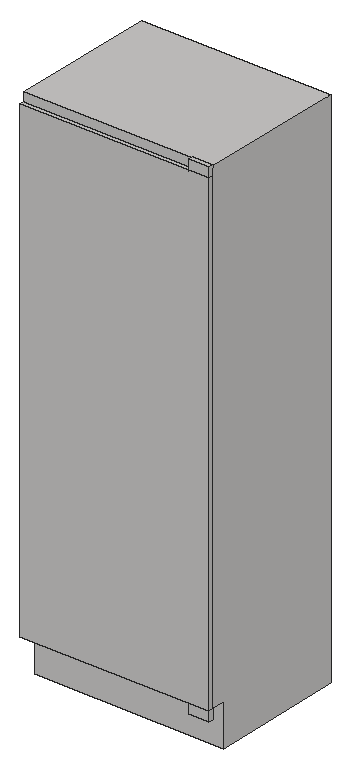
Revit family "RC 472704", category Generic Models, Revit 2014
Parameters (values of type "RC472704")
  Width = 756 mm
  URL = "http://www.gaggenau.com."
  Model = "RC472704"
  Manufacturer = "Gaggenau"
  Height = 2125 mm
  Handle = Metal Panel
  Fridge = Metal Panel
  Door = Metal Panel
  Description = "Gaggenau 30\" Refrigeration column"
  Depth = 608 mm
Reference planes
  plane 1 "Center (Front/Back)": y = 0
  plane 2: z = 0
  plane 3 "Center (Left/Right)": x = 0
  plane 4: z = 2125
  plane 5: x = -378
  plane 6: x = 378
  plane 7: y = 266.012
  plane 8: y = -341.988
  plane 9: z = 181
  plane 10: z = 102
  plane 11: z = 14.093
  plane 12: z = 2131
  plane 13: z = 2091
  plane 14: y = -268.988
  plane 15: y = -321.988
  plane 16: x = 317.794
Forms (mm)
  Extrusion 1, solid, material "Metal Panel" <- "Fridge"
    sketch origin (0, 0, 0) x (0, 1, 0) y (0, 0, 1)
      loop
        line (266.012, 2125) -> (-321.988, 2125) -> (-321.988, 181) -> (-268.988, 181) -> (-268.988, 14.093) -> (266.012, 14.093) -> (266.012, 2125)
    from -378 to 378
  Extrusion 2, solid, material "Metal Panel" <- "Door"
    sketch origin (0, 0, 0) x (1, 0, 0) y (0, 0, 1)
      loop
        line (-378, 181) -> (378, 181) -> (378, 2091) -> (-378, 2091) -> (-378, 181)
    from 321.988 to 341.988
  Extrusion 3, solid, material "Metal Panel" <- "Door"
    sketch origin (0, 0, -0.35) x (1, 0, 0) y (0, 0, 1)
      loop
        line (378, 2131.35) -> (298, 2131.35) -> (298, 2091.35) -> (378, 2091.35) -> (378, 2131.35)
      loop
        line (378, 181.35) -> (298, 181.35) -> (298, 141.35) -> (378, 141.35) -> (378, 181.35)
    from 321.988 to 341.988
  Extrusion 4, solid, material "Metal Panel" <- "Fridge"
    sketch origin (0, 0, 0) x (1, 0, 0) y (0, 1, 0)
      loop
        circle (-346.403, -159.898) r 11.868
      loop
        circle (-346.403, 159.898) r 11.868
      loop
        circle (346.403, -159.898) r 11.868
      loop
        circle (346.403, 159.898) r 11.868
    from 0 to 14.093
Dimensions and locks
  "Width": plane 5 to plane 6
  plane 7 to plane 8 = 608 mm  (x2)
  plane 4 to plane 2 = 2125 mm
  plane 9 to plane 2 = 181 mm
  plane 10 to plane 2 = 102 mm
  plane 12 to plane 13 = 40 mm
  plane 14 to plane 8 = 73 mm
  plane 6 to plane 16 = 60.206 mm
  equal spacing: plane 5, plane 3 "Center (Left/Right)", plane 6
  plane 12 to plane 10 = 2029 mm
  aligned and locked: level to plane 2
  aligned and locked: plane 5 to Extrusion 1
  aligned and locked: plane 6 to Extrusion 1
  aligned and locked: Extrusion 2 to plane 8
  aligned and locked: Extrusion 2 to Extrusion 1
  aligned and locked: Extrusion 3 to plane 8
  aligned and locked: Extrusion 3 to Extrusion 1
  aligned and locked: plane 13 to Extrusion 2 sketch curve
  aligned and locked: plane 6 to Extrusion 2 sketch curve
  aligned and locked: plane 5 to Extrusion 2 sketch curve
Automatic sketch dimensions
  Extrusion 1 sketch curve to plane 4 = 0 mm
  Extrusion 1 sketch curve to plane 15 = 0 mm
  Extrusion 1 sketch curve to plane 9 = 0 mm
  Extrusion 1 sketch curve to plane 14 = 0 mm
  Extrusion 1 sketch curve to plane 7 = 0 mm
  Extrusion 1 sketch curve to plane 11 = 0 mm
  Extrusion 4 sketch curve to plane 5 = 31.597 mm  (x2)
  plane 16 to Extrusion 4 sketch curve = 28.608 mm  (x2)
  Extrusion 4 sketch curve to plane 14 = 109.089 mm  (x2)
  Extrusion 4 sketch curve to plane 7 = 106.114 mm  (x2)
  plane 10 to Extrusion 2 sketch curve = 79 mm
  Extrusion 3 sketch curve to plane 16 = 19.794 mm  (x2)
  Extrusion 3 sketch curve to plane 12 = 0 mm
  Extrusion 3 sketch curve to plane 6 = 0 mm  (x2)
  Extrusion 3 sketch curve to plane 9 = 0 mm
  Extrusion 3 sketch curve to plane 13 = 0 mm
  Extrusion 3 sketch curve to plane 9 = 40 mm
  radius of Extrusion 4 sketch curve = 11.868 mm  (x4)
